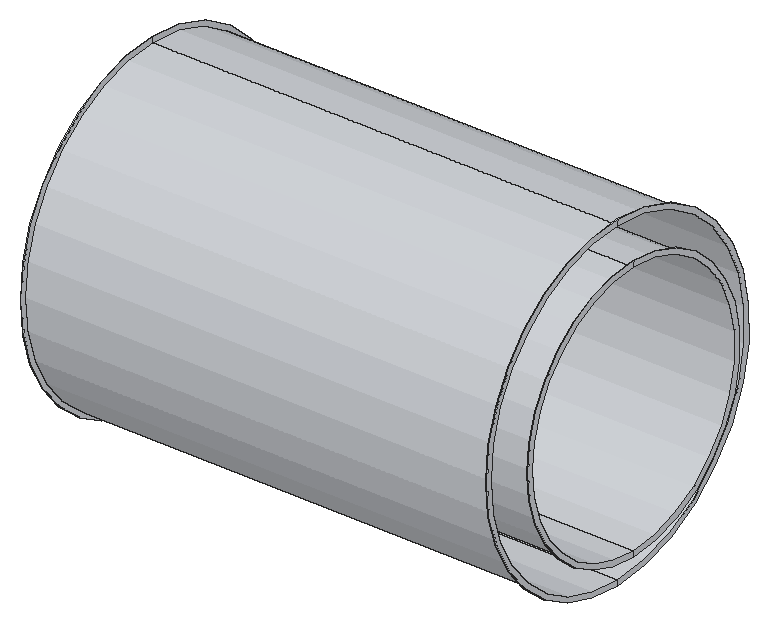
Revit family
Parameters (values of type "DW2447DWLT-3")
  WALLTHICK = 9/256"  # constant formula
  OFFSET2 = 3"
  OFFSET = 1 1/2"  # constant formula
  Model = "DW2447DWLT-3"
  Manufacturer = "CaptiveAire"
  FLANGETHICK = 1/16"
  FLANGERAD = DUCTINSIDERAD + 1/2"  # 12 1/2"
  FLANGEDIA = FLANGERAD * 2  # 25"
  Description = "24\" x 47\" Double-Straight-Horizontal"
  DWFLANGERAD = DWDUCTINSIDERAD + 1/2"  # 15 1/2"
  DWDUCTRAD = DWDUCTINSIDERAD + WALLTHICK  # 15 9/256"
  DWDUCTINSIDERAD = DUCTINSIDERAD + OFFSET2  # 15"
  DUCTRAD = (DUCTDIA / 2)  # 12 9/256"
  DUCTINSIDERAD = 12"
  DUCTLENGTH/2 = DUCTLENGTH / 2  # 23 1/2"
  DUCTLENGTH = 47"
  DUCTDIA = (DUCTINSIDERAD + WALLTHICK) * 2  # 24 9/128"
Types (66): name | OFFSET2 | Model | FLANGERAD | FLANGEDIA | Description | DWFLANGERAD | DWDUCTRAD | DWDUCTINSIDERAD | DUCTRAD | DUCTINSIDERAD | DUCTLENGTH/2 | DUCTLENGTH | DUCTDIA
  (no name) | 3" | "DW2447DWLT-3" | 12 1/2" | 25" | "24\" x 47\" Double-Straight-Horizontal" | 15 1/2" | 15 9/256" | 15" | 12 9/256" | 12" | 23 1/2" | 47" | 24 9/128"
  DW0823DWLT-2 | 3" | "DW0823DWLT-2" | 4 1/2" | 9" | "8\" x 23\" Double-Straight-Horizontal" | 7 1/2" | 7 9/256" | 7" | 4 9/256" | 4" | 11 1/2" | 23" | 8 9/128"
  DW1011DWLT-3 | 3" | "DW1011DWLT-3" | 5 1/2" | 11" | "10\" x 11\" Double-Straight-Horizontal" | 8 1/2" | 8 9/256" | 8" | 5 9/256" | 5" | 5 1/2" | 11" | 10 9/128"
  DW1211DWLT-3 | 3" | "DW1211DWLT-3" | 6 1/2" | 13" | "12\" x 11\" Double-Straight-Horizontal" | 9 1/2" | 9 9/256" | 9" | 6 9/256" | 6" | 5 1/2" | 11" | 12 9/128"
  DW0811DWLT-2 | 2" | "DW0811DWLT-2" | 4 1/2" | 9" | "8\" x 11\" Double-Straight-Horizontal" | 6 1/2" | 6 9/256" | 6" | 4 9/256" | 4" | 5 1/2" | 11" | 8 9/128"
  DW0811DWLT-3 | 3" | "DW0811DWLT-3" | 4 1/2" | 9" | "8\" x 11\" Double-Straight-Horizontal" | 7 1/2" | 7 9/256" | 7" | 4 9/256" | 4" | 5 1/2" | 11" | 8 9/128"
  DW0817DWLT-3 | 3" | "DW0817DWLT-3" | 4 1/2" | 9" | "8\" x 17\" Double-Straight-Horizontal" | 7 1/2" | 7 9/256" | 7" | 4 9/256" | 4" | 8 1/2" | 17" | 8 9/128"
  DW0823DWLT-3 | 3" | "DW0823DWLT-3" | 4 1/2" | 9" | "8\" x 23\" Double-Straight-Horizontal" | 7 1/2" | 7 9/256" | 7" | 4 9/256" | 4" | 11 1/2" | 23" | 8 9/128"
  DW0835DWLT-3 | 3" | "DW0835DWLT-3" | 4 1/2" | 9" | "8\" x 35\" Double-Straight-Horizontal" | 7 1/2" | 7 9/256" | 7" | 4 9/256" | 4" | 17 1/2" | 35" | 8 9/128"
  DW0847DWLT-3 | 3" | "DW0847DWLT-3" | 4 1/2" | 9" | "8\" x 47\" Double-Straight-Horizontal" | 7 1/2" | 7 9/256" | 7" | 4 9/256" | 4" | 23 1/2" | 47" | 8 9/128"
  DW0817DWLT-2 | 2" | "DW0817DWLT-2" | 4 1/2" | 9" | "8\" x 17\" Double-Straight-Horizontal" | 6 1/2" | 6 9/256" | 6" | 4 9/256" | 4" | 8 1/2" | 17" | 8 9/128"
  DW0835DWLT-2 | 2" | "DW0835DWLT-2" | 4 1/2" | 9" | "8\" x 35\" Double-Straight-Horizontal" | 6 1/2" | 6 9/256" | 6" | 4 9/256" | 4" | 17 1/2" | 35" | 8 9/128"
  DW0847DWLT-2 | 2" | "DW0847DWLT-2" | 4 1/2" | 9" | "8\" x 47\" Double-Straight-Horizontal" | 6 1/2" | 6 9/256" | 6" | 4 9/256" | 4" | 23 1/2" | 47" | 8 9/128"
  DW1011DWLT-2 | 2" | "DW1011DWLT-2" | 5 1/2" | 11" | "10\" x 11\" Double-Straight-Horizontal" | 7 1/2" | 7 9/256" | 7" | 5 9/256" | 5" | 5 1/2" | 11" | 10 9/128"
  DW1017DWLT-3 | 3" | "DW1017DWLT-3" | 5 1/2" | 11" | "10\" x 17\" Double-Straight-Horizontal" | 8 1/2" | 8 9/256" | 8" | 5 9/256" | 5" | 8 1/2" | 17" | 10 9/128"
  DW1017DWLT-2 | 2" | "DW1017DWLT-2" | 5 1/2" | 11" | "10\" x 17\" Double-Straight-Horizontal" | 7 1/2" | 7 9/256" | 7" | 5 9/256" | 5" | 8 1/2" | 17" | 10 9/128"
  DW1023DWLT-2 | 2" | "DW1023DWLT-2" | 5 1/2" | 11" | "10\" x 23\" Double-Straight-Horizontal" | 7 1/2" | 7 9/256" | 7" | 5 9/256" | 5" | 11 1/2" | 23" | 10 9/128"
  DW1023DWLT-3 | 3" | "DW1023DWLT-3" | 5 1/2" | 11" | "10\" x 23\" Double-Straight-Horizontal" | 8 1/2" | 8 9/256" | 8" | 5 9/256" | 5" | 11 1/2" | 23" | 10 9/128"
  DW1035DWLT-2 | 2" | "DW1035DWLT-2" | 5 1/2" | 11" | "10\" x 35\" Double-Straight-Horizontal" | 7 1/2" | 7 9/256" | 7" | 5 9/256" | 5" | 17 1/2" | 35" | 10 9/128"
  DW1035DWLT-3 | 3" | "DW1035DWLT-3" | 5 1/2" | 11" | "10\" x 35\" Double-Straight-Horizontal" | 8 1/2" | 8 9/256" | 8" | 5 9/256" | 5" | 17 1/2" | 35" | 10 9/128"
  DW1047DWLT-3 | 3" | "DW1047DWLT-3" | 5 1/2" | 11" | "10\" x 47\" Double-Straight-Horizontal" | 8 1/2" | 8 9/256" | 8" | 5 9/256" | 5" | 23 1/2" | 47" | 10 9/128"
  DW1047DWLT-2 | 2" | "DW1047DWLT-2" | 5 1/2" | 11" | "10\" x 47\" Double-Straight-Horizontal" | 7 1/2" | 7 9/256" | 7" | 5 9/256" | 5" | 23 1/2" | 47" | 10 9/128"
  DW1211DWLT-2 | 2" | "DW1211DWLT-2" | 6 1/2" | 13" | "12\" x 11\" Double-Straight-Horizontal" | 8 1/2" | 8 9/256" | 8" | 6 9/256" | 6" | 5 1/2" | 11" | 12 9/128"
  DW1217DWLT-2 | 2" | "DW1217DWLT-2" | 6 1/2" | 13" | "12\" x 17\" Double-Straight-Horizontal" | 8 1/2" | 8 9/256" | 8" | 6 9/256" | 6" | 8 1/2" | 17" | 12 9/128"
  DW1217DWLT-3 | 3" | "DW1217DWLT-3" | 6 1/2" | 13" | "12\" x 17\" Double-Straight-Horizontal" | 9 1/2" | 9 9/256" | 9" | 6 9/256" | 6" | 8 1/2" | 17" | 12 9/128"
  DW1223DWLT-3 | 3" | "DW1223DWLT-3" | 6 1/2" | 13" | "12\" x 23\" Double-Straight-Horizontal" | 9 1/2" | 9 9/256" | 9" | 6 9/256" | 6" | 11 1/2" | 23" | 12 9/128"
  DW1223DWLT-2 | 2" | "DW1223DWLT-2" | 6 1/2" | 13" | "12\" x 23\" Double-Straight-Horizontal" | 8 1/2" | 8 9/256" | 8" | 6 9/256" | 6" | 11 1/2" | 23" | 12 9/128"
  DW1235DWLT-2 | 2" | "DW1235DWLT-2" | 6 1/2" | 13" | "12\" x 35\" Double-Straight-Horizontal" | 8 1/2" | 8 9/256" | 8" | 6 9/256" | 6" | 17 1/2" | 35" | 12 9/128"
  DW1235DWLT-3 | 3" | "DW1235DWLT-3" | 6 1/2" | 13" | "12\" x 35\" Double-Straight-Horizontal" | 9 1/2" | 9 9/256" | 9" | 6 9/256" | 6" | 17 1/2" | 35" | 12 9/128"
  DW1247DWLT-3 | 3" | "DW1247DWLT-3" | 6 1/2" | 13" | "12\" x 47\" Double-Straight-Horizontal" | 9 1/2" | 9 9/256" | 9" | 6 9/256" | 6" | 23 1/2" | 47" | 12 9/128"
  DW1247DWLT-2 | 2" | "DW1247DWLT-2" | 6 1/2" | 13" | "12\" x 47\" Double-Straight-Horizontal" | 8 1/2" | 8 9/256" | 8" | 6 9/256" | 6" | 23 1/2" | 47" | 12 9/128"
  DW1411DWLT-3 | 3" | "DW1411DWLT-3" | 7 1/2" | 15" | "14\" x 11\" Double-Straight-Horizontal" | 10 1/2" | 10 9/256" | 10" | 7 9/256" | 7" | 5 1/2" | 11" | 14 9/128"
  DW1411DWLT-2 | 2" | "DW1411DWLT-2" | 7 1/2" | 15" | "14\" x 11\" Double-Straight-Horizontal" | 9 1/2" | 9 9/256" | 9" | 7 9/256" | 7" | 5 1/2" | 11" | 14 9/128"
  DW1417DWLT-2 | 2" | "DW1417DWLT-2" | 7 1/2" | 15" | "14\" x 17\" Double-Straight-Horizontal" | 9 1/2" | 9 9/256" | 9" | 7 9/256" | 7" | 8 1/2" | 17" | 14 9/128"
  DW1417DWLT-3 | 3" | "DW1417DWLT-3" | 7 1/2" | 15" | "14\" x 17\" Double-Straight-Horizontal" | 10 1/2" | 10 9/256" | 10" | 7 9/256" | 7" | 8 1/2" | 17" | 14 9/128"
  DW1423DWLT-3 | 3" | "DW1423DWLT-3" | 7 1/2" | 15" | "14\" x 23\" Double-Straight-Horizontal" | 10 1/2" | 10 9/256" | 10" | 7 9/256" | 7" | 11 1/2" | 23" | 14 9/128"
  DW1423DWLT-2 | 2" | "DW1423DWLT-2" | 7 1/2" | 15" | "14\" x 23\" Double-Straight-Horizontal" | 9 1/2" | 9 9/256" | 9" | 7 9/256" | 7" | 11 1/2" | 23" | 14 9/128"
  DW1435DWLT-2 | 2" | "DW1435DWLT-2" | 7 1/2" | 15" | "14\" x 35\" Double-Straight-Horizontal" | 9 1/2" | 9 9/256" | 9" | 7 9/256" | 7" | 17 1/2" | 35" | 14 9/128"
  DW1435DWLT-3 | 3" | "DW1435DWLT-3" | 7 1/2" | 15" | "14\" x 35\" Double-Straight-Horizontal" | 10 1/2" | 10 9/256" | 10" | 7 9/256" | 7" | 17 1/2" | 35" | 14 9/128"
  DW1447DWLT-3 | 3" | "DW1447DWLT-3" | 7 1/2" | 15" | "14\" x 47\" Double-Straight-Horizontal" | 10 1/2" | 10 9/256" | 10" | 7 9/256" | 7" | 23 1/2" | 47" | 14 9/128"
  DW1447DWLT-2 | 2" | "DW1447DWLT-2" | 7 1/2" | 15" | "14\" x 47\" Double-Straight-Horizontal" | 9 1/2" | 9 9/256" | 9" | 7 9/256" | 7" | 23 1/2" | 47" | 14 9/128"
  DW1611DWLT-2 | 2" | "DW1611DWLT-2" | 8 1/2" | 17" | "16\" x 11\" Double-Straight-Horizontal" | 10 1/2" | 10 9/256" | 10" | 8 9/256" | 8" | 5 1/2" | 11" | 16 9/128"
  DW1611DWLT-3 | 3" | "DW1611DWLT-3" | 8 1/2" | 17" | "16\" x 11\" Double-Straight-Horizontal" | 11 1/2" | 11 9/256" | 11" | 8 9/256" | 8" | 5 1/2" | 11" | 16 9/128"
  DW1617DWLT-3 | 3" | "DW1617DWLT-3" | 8 1/2" | 17" | "16\" x 17\" Double-Straight-Horizontal" | 11 1/2" | 11 9/256" | 11" | 8 9/256" | 8" | 8 1/2" | 17" | 16 9/128"
  DW1617DWLT-2 | 2" | "DW1617DWLT-2" | 8 1/2" | 17" | "16\" x 17\" Double-Straight-Horizontal" | 10 1/2" | 10 9/256" | 10" | 8 9/256" | 8" | 8 1/2" | 17" | 16 9/128"
  DW1623DWLT-2 | 2" | "DW1623DWLT-2" | 8 1/2" | 17" | "16\" x 23\" Double-Straight-Horizontal" | 10 1/2" | 10 9/256" | 10" | 8 9/256" | 8" | 11 1/2" | 23" | 16 9/128"
  DW1623DWLT-3 | 3" | "DW1623DWLT-3" | 8 1/2" | 17" | "16\" x 23\" Double-Straight-Horizontal" | 11 1/2" | 11 9/256" | 11" | 8 9/256" | 8" | 11 1/2" | 23" | 16 9/128"
  DW1635DWLT-3 | 3" | "DW1635DWLT-3" | 8 1/2" | 17" | "16\" x 35\" Double-Straight-Horizontal" | 11 1/2" | 11 9/256" | 11" | 8 9/256" | 8" | 17 1/2" | 35" | 16 9/128"
  DW1635DWLT-2 | 2" | "DW1635DWLT-2" | 8 1/2" | 17" | "16\" x 35\" Double-Straight-Horizontal" | 10 1/2" | 10 9/256" | 10" | 8 9/256" | 8" | 17 1/2" | 35" | 16 9/128"
  DW1647DWLT-2 | 2" | "DW1647DWLT-2" | 8 1/2" | 17" | "16\" x 47\" Double-Straight-Horizontal" | 10 1/2" | 10 9/256" | 10" | 8 9/256" | 8" | 23 1/2" | 47" | 16 9/128"
  DW1647DWLT-3 | 3" | "DW1647DWLT-3" | 8 1/2" | 17" | "16\" x 47\" Double-Straight-Horizontal" | 11 1/2" | 11 9/256" | 11" | 8 9/256" | 8" | 23 1/2" | 47" | 16 9/128"
  DW1811DWLT-3 | 3" | "DW1811DWLT-3" | 9 1/2" | 19" | "18\" x 11\" Double-Straight-Horizontal" | 12 1/2" | 12 9/256" | 12" | 9 9/256" | 9" | 5 1/2" | 11" | 18 9/128"
  DW1817DWLT-3 | 3" | "DW1817DWLT-3" | 9 1/2" | 19" | "18\" x 17\" Double-Straight-Horizontal" | 12 1/2" | 12 9/256" | 12" | 9 9/256" | 9" | 8 1/2" | 17" | 18 9/128"
  DW1823DWLT-3 | 3" | "DW1823DWLT-3" | 9 1/2" | 19" | "18\" x 23\" Double-Straight-Horizontal" | 12 1/2" | 12 9/256" | 12" | 9 9/256" | 9" | 11 1/2" | 23" | 18 9/128"
  DW1835DWLT-3 | 3" | "DW1835DWLT-3" | 9 1/2" | 19" | "18\" x 35\" Double-Straight-Horizontal" | 12 1/2" | 12 9/256" | 12" | 9 9/256" | 9" | 17 1/2" | 35" | 18 9/128"
  DW1847DWLT-3 | 3" | "DW1847DWLT-3" | 9 1/2" | 19" | "18\" x 47\" Double-Straight-Horizontal" | 12 1/2" | 12 9/256" | 12" | 9 9/256" | 9" | 23 1/2" | 47" | 18 9/128"
  DW2011DWLT-3 | 3" | "DW2011DWLT-3" | 10 1/2" | 21" | "20\" x 11\" Double-Straight-Horizontal" | 13 1/2" | 13 9/256" | 13" | 10 9/256" | 10" | 5 1/2" | 11" | 20 9/128"
  DW2017DWLT-3 | 3" | "DW2017DWLT-3" | 10 1/2" | 21" | "20\" x 17\" Double-Straight-Horizontal" | 13 1/2" | 13 9/256" | 13" | 10 9/256" | 10" | 8 1/2" | 17" | 20 9/128"
  DW2023DWLT-3 | 3" | "DW2023DWLT-3" | 10 1/2" | 21" | "20\" x 23\" Double-Straight-Horizontal" | 13 1/2" | 13 9/256" | 13" | 10 9/256" | 10" | 11 1/2" | 23" | 20 9/128"
  DW2035DWLT-3 | 3" | "DW2035DWLT-3" | 10 1/2" | 21" | "20\" x 35\" Double-Straight-Horizontal" | 13 1/2" | 13 9/256" | 13" | 10 9/256" | 10" | 17 1/2" | 35" | 20 9/128"
  DW2047DWLT-3 | 3" | "DW2047DWLT-3" | 10 1/2" | 21" | "20\" x 47\" Double-Straight-Horizontal" | 13 1/2" | 13 9/256" | 13" | 10 9/256" | 10" | 23 1/2" | 47" | 20 9/128"
  DW2411DWLT-3 | 3" | "DW2411DWLT-3" | 12 1/2" | 25" | "24\" x 11\" Double-Straight-Horizontal" | 15 1/2" | 15 9/256" | 15" | 12 9/256" | 12" | 5 1/2" | 11" | 24 9/128"
  DW2417DWLT-3 | 3" | "DW2417DWLT-3" | 12 1/2" | 25" | "24\" x 17\" Double-Straight-Horizontal" | 15 1/2" | 15 9/256" | 15" | 12 9/256" | 12" | 8 1/2" | 17" | 24 9/128"
  DW2423DWLT-3 | 3" | "DW2423DWLT-3" | 12 1/2" | 25" | "24\" x 23\" Double-Straight-Horizontal" | 15 1/2" | 15 9/256" | 15" | 12 9/256" | 12" | 11 1/2" | 23" | 24 9/128"
  DW2435DWLT-3 | 3" | "DW2435DWLT-3" | 12 1/2" | 25" | "24\" x 35\" Double-Straight-Horizontal" | 15 1/2" | 15 9/256" | 15" | 12 9/256" | 12" | 17 1/2" | 35" | 24 9/128"
  DW2447DWLT-3 | 3" | "DW2447DWLT-3" | 12 1/2" | 25" | "24\" x 47\" Double-Straight-Horizontal" | 15 1/2" | 15 9/256" | 15" | 12 9/256" | 12" | 23 1/2" | 47" | 24 9/128"
Reference planes (in)
  plane 1 "Center (Front/Back)": y = 0
  plane 2: z = 0
  plane 3 "Center (Left/Right)": x = -2.08434
  plane 4: x = -49.08434
  plane 5: z = 12.03516
  plane 6: z = -12.5
  plane 7: z = -12.03516
  plane 8: z = 12.5
  plane 9: z = 12
  plane 10: x = -2.14684
  plane 11: x = -49.02184
  plane 12: z = -12
  plane 13: x = -25.58434
  plane 14: z = 15
  plane 15: z = 15.5
  plane 16: z = 15.03516
  plane 17: x = -3.58434
  plane 18: x = -47.58434
  plane 19: x = -47.52184
  plane 20: x = -3.64684
Forms (in)
  Revolve 1, solid
    sketch origin (0, 0, 0) x (1, 0, 0) y (0, 0, 1)
      loop
        line (-49.08434, 12.5) -> (-49.08434, 12) -> (-2.08434, 12) -> (-2.08434, 12.5) -> (-2.14684, 12.5) -> (-2.14684, 12.03516) -> (-49.02184, 12.03516) -> (-49.02184, 12.5) -> (-49.08434, 12.5)
      axis (-2.08434, 0) -> (-49.08434, 0)
    angle from 0 to 360
  Revolve 2, solid
    sketch origin (0, 0, 0) x (1, 0, 0) y (0, 0, 1)
      loop
        line (-47.58434, 15.5) -> (-47.58434, 15) -> (-3.58434, 15) -> (-3.58434, 15.5) -> (-3.64684, 15.5) -> (-3.64684, 15.03516) -> (-47.52184, 15.03516) -> (-47.52184, 15.5) -> (-47.58434, 15.5)
      axis (-47.58434, 0) -> (-3.58434, 0)
    angle from 0 to 360
Dimensions and locks (in)
  "FLANGEDIA": plane 8 to plane 6
  "DUCTDIA": plane 7 to plane 5
  "WALLTHICK": plane 9 to plane 5
  "WALLTHICK": plane 12 to plane 7
  "FLANGETHICK": plane 11 to plane 4
  equal spacing: plane 5, level, plane 7
  equal spacing: plane 8, level, plane 6
  "FLANGETHICK": plane 3 "Center (Left/Right)" to plane 10
  "DUCTLENGTH": plane 3 "Center (Left/Right)" to plane 4
  "DUCTLENGTH/2": plane 3 "Center (Left/Right)" to plane 13
  "OFFSET": plane 3 "Center (Left/Right)" to plane 17
  "OFFSET": plane 4 to plane 18
  "DWDUCTINSIDERAD": plane 14 to level
  "DWDUCTRAD": plane 16 to level
  "DWFLANGERAD": plane 15 to level
  "FLANGETHICK": plane 18 to plane 19
  "FLANGETHICK": plane 17 to plane 20
  aligned and locked: level to Revolve 1 sketch curve
  aligned and locked: Revolve 1 sketch curve to plane 9
  aligned and locked: Revolve 1 sketch curve to plane 5
  aligned and locked: plane 3 "Center (Left/Right)" to Revolve 1 sketch curve
  aligned and locked: Revolve 1 sketch curve to plane 10
  aligned and locked: Revolve 1 sketch curve to plane 8
  aligned and locked: plane 4 to Revolve 1 sketch curve
  aligned and locked: plane 11 to Revolve 1 sketch curve
  aligned and locked: plane 8 to Revolve 1 sketch curve
  aligned and locked: plane 17 to Revolve 2 sketch curve
  aligned and locked: Revolve 2 sketch curve to plane 20
  aligned and locked: Revolve 2 sketch curve to plane 14
  aligned and locked: plane 16 to Revolve 2 sketch curve
  aligned and locked: Revolve 2 sketch curve to plane 15  (x2)
  aligned and locked: plane 18 to Revolve 2 sketch curve
  aligned and locked: plane 19 to Revolve 2 sketch curve
  aligned and locked: Revolve 2 sketch curve to level
Automatic sketch dimensions
  plane 11 to Revolve 1 sketch curve = 11.22791"
  plane 13 to Revolve 1 sketch curve = 8.70959"
  plane 13 to Revolve 2 sketch curve = 9 3/16"
  Revolve 2 sketch curve to Revolve 2 sketch curve = 4"
